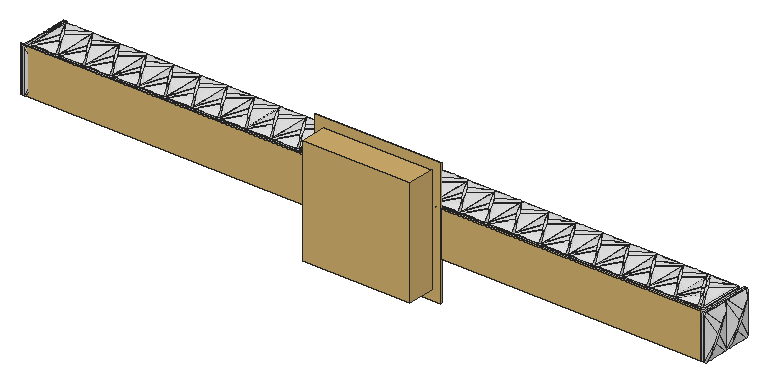
Revit family "3-xx-xx - Elan Vanitie 03", category Lighting Fixtures, host Wall, Revit 2019 (continued)
Definition of nested family "Family2"
  Forms (in)
    Blend 117, solid, material <- "Diffuser"
      top sketch origin (15.27559, -2.24007, -2.27132) x (1, 0, 0) y (0, 1, 0)
        loop
          line (-6.89899, 0.68245) -> (-6.71635, 0.29079) -> (-6.53621, -0.05852) -> (-6.35588, -0.33357) -> (-6.0667, -0.72725) -> (-6.27171, -0.28388) -> (-6.43166, 0.00863) -> (-6.64427, 0.33334) -> (-6.89899, 0.68245)
      from 3.31463 to 3.45242
    Extrusion 118, solid, material <- "Diffuser"
      sketch origin (15.27559, -2.24007, -2.27132) x (1, 0, 0) y (0, 1, 0)
        loop
          arc (-5.90551, 0.90551) -> (-5.92857, 0.96119) -> (-5.98425, 0.98425) r 0.07874
          line (-5.98425, 0.98425) -> (-7.00787, 0.98425)
          arc (-7.00787, 0.98425) -> (-7.06355, 0.96119) -> (-7.08661, 0.90551) r 0.07874
          line (-7.08661, 0.90551) -> (-7.08661, -0.90551)
          arc (-7.08661, -0.90551) -> (-7.06355, -0.96119) -> (-7.00787, -0.98425) r 0.07874
          line (-7.00787, -0.98425) -> (-5.98425, -0.98425)
          arc (-5.98425, -0.98425) -> (-5.92857, -0.96119) -> (-5.90551, -0.90551) r 0.07874
          line (-5.90551, -0.90551) -> (-5.90551, 0.90551)
      from 3.25557 to 3.31463
    Blend 119, solid, material <- "Diffuser"
      base sketch origin (2.29273, -2.24007, 2.34719) x (-0.999996, 0, 0.00275) y (0, 1, 0)
        loop
          arc (-5.90551, 0.90551) -> (-5.92857, 0.96119) -> (-5.98425, 0.98425) r 0.07874
          line (-5.98425, 0.98425) -> (-7.00787, 0.98425)
          arc (-7.00787, 0.98425) -> (-7.06355, 0.96119) -> (-7.08661, 0.90551) r 0.07874
          line (-7.08661, 0.90551) -> (-7.08661, -0.90551)
          arc (-7.08661, -0.90551) -> (-7.06355, -0.96119) -> (-7.00787, -0.98425) r 0.07874
          line (-7.00787, -0.98425) -> (-5.98425, -0.98425)
          arc (-5.98425, -0.98425) -> (-5.92857, -0.96119) -> (-5.90551, -0.90551) r 0.07874
          line (-5.90551, -0.90551) -> (-5.90551, 0.90551)
      top sketch origin (2.29273, -2.24007, 2.34719) x (-0.999996, 0, 0.00275) y (0, 1, 0)
        loop
          line (-6.89899, 0.68245) -> (-6.71635, 0.29079) -> (-6.53621, -0.05852) -> (-6.35588, -0.33357) -> (-6.0667, -0.72725) -> (-6.27171, -0.28388) -> (-6.43166, 0.00863) -> (-6.64427, 0.33334) -> (-6.89899, 0.68245)
      from 3.31463 to 3.45242
    Extrusion 120, solid, material <- "Diffuser"
      sketch origin (2.29273, -2.24007, 2.34719) x (-0.999996, 0, 0.00275) y (0, 1, 0)
        loop
          arc (-5.90551, 0.90551) -> (-5.92857, 0.96119) -> (-5.98425, 0.98425) r 0.07874
          line (-5.98425, 0.98425) -> (-7.00787, 0.98425)
          arc (-7.00787, 0.98425) -> (-7.06355, 0.96119) -> (-7.08661, 0.90551) r 0.07874
          line (-7.08661, 0.90551) -> (-7.08661, -0.90551)
          arc (-7.08661, -0.90551) -> (-7.06355, -0.96119) -> (-7.00787, -0.98425) r 0.07874
          line (-7.00787, -0.98425) -> (-5.98425, -0.98425)
          arc (-5.98425, -0.98425) -> (-5.92857, -0.96119) -> (-5.90551, -0.90551) r 0.07874
          line (-5.90551, -0.90551) -> (-5.90551, 0.90551)
      from 3.20242 to 3.31463
    Blend 121, solid, material <- "Diffuser"
      base sketch origin (-2.3622, 0, 0) x (1, 0, 0) y (0, 0, 1)
        loop
          arc (-5.90551, 0.90551) -> (-5.92857, 0.96119) -> (-5.98425, 0.98425) r 0.07874
          line (-5.98425, 0.98425) -> (-7.00787, 0.98425)
          arc (-7.00787, 0.98425) -> (-7.06355, 0.96119) -> (-7.08661, 0.90551) r 0.07874
          line (-7.08661, 0.90551) -> (-7.08661, -0.90551)
          arc (-7.08661, -0.90551) -> (-7.06355, -0.96119) -> (-7.00787, -0.98425) r 0.07874
          line (-7.00787, -0.98425) -> (-5.98425, -0.98425)
          arc (-5.98425, -0.98425) -> (-5.92857, -0.96119) -> (-5.90551, -0.90551) r 0.07874
          line (-5.90551, -0.90551) -> (-5.90551, 0.90551)
      top sketch origin (-2.3622, 0, 0) x (1, 0, 0) y (0, 0, 1)
        loop
          line (-6.89899, 0.68245) -> (-6.71635, 0.29079) -> (-6.53621, -0.05852) -> (-6.35588, -0.33357) -> (-6.0667, -0.72725) -> (-6.27171, -0.28388) -> (-6.43166, 0.00863) -> (-6.64427, 0.33334) -> (-6.89899, 0.68245)
      from 3.31463 to 3.45242
    Extrusion 122, solid, material <- "Diffuser"
      sketch origin (-2.3622, 0, 0) x (1, 0, 0) y (0, 0, 1)
        loop
          arc (-5.90551, 0.90551) -> (-5.92857, 0.96119) -> (-5.98425, 0.98425) r 0.07874
          line (-5.98425, 0.98425) -> (-7.00787, 0.98425)
          arc (-7.00787, 0.98425) -> (-7.06355, 0.96119) -> (-7.08661, 0.90551) r 0.07874
          line (-7.08661, 0.90551) -> (-7.08661, -0.90551)
          arc (-7.08661, -0.90551) -> (-7.06355, -0.96119) -> (-7.00787, -0.98425) r 0.07874
          line (-7.00787, -0.98425) -> (-5.98425, -0.98425)
          arc (-5.98425, -0.98425) -> (-5.92857, -0.96119) -> (-5.90551, -0.90551) r 0.07874
          line (-5.90551, -0.90551) -> (-5.90551, 0.90551)
      from 3.25557 to 3.31463
    Blend 123, solid, material <- "Diffuser"
      base sketch origin (-2.3622, -2.24007, -2.27132) x (1, 0, 0) y (0, 1, 0)
        loop
          arc (-5.90551, 0.90551) -> (-5.92857, 0.96119) -> (-5.98425, 0.98425) r 0.07874
          line (-5.98425, 0.98425) -> (-7.00787, 0.98425)
          arc (-7.00787, 0.98425) -> (-7.06355, 0.96119) -> (-7.08661, 0.90551) r 0.07874
          line (-7.08661, 0.90551) -> (-7.08661, -0.90551)
          arc (-7.08661, -0.90551) -> (-7.06355, -0.96119) -> (-7.00787, -0.98425) r 0.07874
          line (-7.00787, -0.98425) -> (-5.98425, -0.98425)
          arc (-5.98425, -0.98425) -> (-5.92857, -0.96119) -> (-5.90551, -0.90551) r 0.07874
          line (-5.90551, -0.90551) -> (-5.90551, 0.90551)
      top sketch origin (-2.3622, -2.24007, -2.27132) x (1, 0, 0) y (0, 1, 0)
        loop
          line (-6.89899, 0.68245) -> (-6.71635, 0.29079) -> (-6.53621, -0.05852) -> (-6.35588, -0.33357) -> (-6.0667, -0.72725) -> (-6.27171, -0.28388) -> (-6.43166, 0.00863) -> (-6.64427, 0.33334) -> (-6.89899, 0.68245)
      from 3.31463 to 3.45242
    Extrusion 124, solid, material <- "Diffuser"
      sketch origin (-2.3622, -2.24007, -2.27132) x (1, 0, 0) y (0, 1, 0)
        loop
          arc (-5.90551, 0.90551) -> (-5.92857, 0.96119) -> (-5.98425, 0.98425) r 0.07874
          line (-5.98425, 0.98425) -> (-7.00787, 0.98425)
          arc (-7.00787, 0.98425) -> (-7.06355, 0.96119) -> (-7.08661, 0.90551) r 0.07874
          line (-7.08661, 0.90551) -> (-7.08661, -0.90551)
          arc (-7.08661, -0.90551) -> (-7.06355, -0.96119) -> (-7.00787, -0.98425) r 0.07874
          line (-7.00787, -0.98425) -> (-5.98425, -0.98425)
          arc (-5.98425, -0.98425) -> (-5.92857, -0.96119) -> (-5.90551, -0.90551) r 0.07874
          line (-5.90551, -0.90551) -> (-5.90551, 0.90551)
      from 3.25557 to 3.31463
    Blend 125, solid, material <- "Diffuser"
      base sketch origin (-15.34502, -2.24007, 2.37642) x (-0.999996, 0, 0.00275) y (0, 1, 0)
        loop
          arc (-5.90551, 0.90551) -> (-5.92857, 0.96119) -> (-5.98425, 0.98425) r 0.07874
          line (-5.98425, 0.98425) -> (-7.00787, 0.98425)
          arc (-7.00787, 0.98425) -> (-7.06355, 0.96119) -> (-7.08661, 0.90551) r 0.07874
          line (-7.08661, 0.90551) -> (-7.08661, -0.90551)
          arc (-7.08661, -0.90551) -> (-7.06355, -0.96119) -> (-7.00787, -0.98425) r 0.07874
          line (-7.00787, -0.98425) -> (-5.98425, -0.98425)
          arc (-5.98425, -0.98425) -> (-5.92857, -0.96119) -> (-5.90551, -0.90551) r 0.07874
          line (-5.90551, -0.90551) -> (-5.90551, 0.90551)
      top sketch origin (-15.34502, -2.24007, 2.37642) x (-0.999996, 0, 0.00275) y (0, 1, 0)
        loop
          line (-6.89899, 0.68245) -> (-6.71635, 0.29079) -> (-6.53621, -0.05852) -> (-6.35588, -0.33357) -> (-6.0667, -0.72725) -> (-6.27171, -0.28388) -> (-6.43166, 0.00863) -> (-6.64427, 0.33334) -> (-6.89899, 0.68245)
      from 3.31463 to 3.45242
    Extrusion 126, solid, material <- "Diffuser"
      sketch origin (-15.34502, -2.24007, 2.37642) x (-0.999996, 0, 0.00275) y (0, 1, 0)
        loop
          arc (-5.90551, 0.90551) -> (-5.92857, 0.96119) -> (-5.98425, 0.98425) r 0.07874
          line (-5.98425, 0.98425) -> (-7.00787, 0.98425)
          arc (-7.00787, 0.98425) -> (-7.06355, 0.96119) -> (-7.08661, 0.90551) r 0.07874
          line (-7.08661, 0.90551) -> (-7.08661, -0.90551)
          arc (-7.08661, -0.90551) -> (-7.06355, -0.96119) -> (-7.00787, -0.98425) r 0.07874
          line (-7.00787, -0.98425) -> (-5.98425, -0.98425)
          arc (-5.98425, -0.98425) -> (-5.92857, -0.96119) -> (-5.90551, -0.90551) r 0.07874
          line (-5.90551, -0.90551) -> (-5.90551, 0.90551)
      from 3.25557 to 3.31463
    Blend 127, solid, material <- "Diffuser"
      base sketch origin (-3.54331, 0, 0) x (1, 0, 0) y (0, 0, 1)
        loop
          arc (-5.90551, 0.90551) -> (-5.92857, 0.96119) -> (-5.98425, 0.98425) r 0.07874
          line (-5.98425, 0.98425) -> (-7.00787, 0.98425)
          arc (-7.00787, 0.98425) -> (-7.06355, 0.96119) -> (-7.08661, 0.90551) r 0.07874
          line (-7.08661, 0.90551) -> (-7.08661, -0.90551)
          arc (-7.08661, -0.90551) -> (-7.06355, -0.96119) -> (-7.00787, -0.98425) r 0.07874
          line (-7.00787, -0.98425) -> (-5.98425, -0.98425)
          arc (-5.98425, -0.98425) -> (-5.92857, -0.96119) -> (-5.90551, -0.90551) r 0.07874
          line (-5.90551, -0.90551) -> (-5.90551, 0.90551)
      top sketch origin (-3.54331, 0, 0) x (1, 0, 0) y (0, 0, 1)
        loop
          line (-6.89899, 0.68245) -> (-6.71635, 0.29079) -> (-6.53621, -0.05852) -> (-6.35588, -0.33357) -> (-6.0667, -0.72725) -> (-6.27171, -0.28388) -> (-6.43166, 0.00863) -> (-6.64427, 0.33334) -> (-6.89899, 0.68245)
      from 3.31463 to 3.45242
    Extrusion 128, solid, material <- "Diffuser"
      sketch origin (-3.54331, 0, 0) x (1, 0, 0) y (0, 0, 1)
        loop
          arc (-5.90551, 0.90551) -> (-5.92857, 0.96119) -> (-5.98425, 0.98425) r 0.07874
          line (-5.98425, 0.98425) -> (-7.00787, 0.98425)
          arc (-7.00787, 0.98425) -> (-7.06355, 0.96119) -> (-7.08661, 0.90551) r 0.07874
          line (-7.08661, 0.90551) -> (-7.08661, -0.90551)
          arc (-7.08661, -0.90551) -> (-7.06355, -0.96119) -> (-7.00787, -0.98425) r 0.07874
          line (-7.00787, -0.98425) -> (-5.98425, -0.98425)
          arc (-5.98425, -0.98425) -> (-5.92857, -0.96119) -> (-5.90551, -0.90551) r 0.07874
          line (-5.90551, -0.90551) -> (-5.90551, 0.90551)
      from 3.25557 to 3.31463
    Blend 129, solid, material <- "Diffuser"
      base sketch origin (-3.54331, -2.24007, -2.27132) x (1, 0, 0) y (0, 1, 0)
        loop
          arc (-5.90551, 0.90551) -> (-5.92857, 0.96119) -> (-5.98425, 0.98425) r 0.07874
          line (-5.98425, 0.98425) -> (-7.00787, 0.98425)
          arc (-7.00787, 0.98425) -> (-7.06355, 0.96119) -> (-7.08661, 0.90551) r 0.07874
          line (-7.08661, 0.90551) -> (-7.08661, -0.90551)
          arc (-7.08661, -0.90551) -> (-7.06355, -0.96119) -> (-7.00787, -0.98425) r 0.07874
          line (-7.00787, -0.98425) -> (-5.98425, -0.98425)
          arc (-5.98425, -0.98425) -> (-5.92857, -0.96119) -> (-5.90551, -0.90551) r 0.07874
          line (-5.90551, -0.90551) -> (-5.90551, 0.90551)
      top sketch origin (-3.54331, -2.24007, -2.27132) x (1, 0, 0) y (0, 1, 0)
        loop
          line (-6.89899, 0.68245) -> (-6.71635, 0.29079) -> (-6.53621, -0.05852) -> (-6.35588, -0.33357) -> (-6.0667, -0.72725) -> (-6.27171, -0.28388) -> (-6.43166, 0.00863) -> (-6.64427, 0.33334) -> (-6.89899, 0.68245)
      from 3.31463 to 3.45242
    Extrusion 130, solid, material <- "Diffuser"
      sketch origin (-3.54331, -2.24007, -2.27132) x (1, 0, 0) y (0, 1, 0)
        loop
          arc (-5.90551, 0.90551) -> (-5.92857, 0.96119) -> (-5.98425, 0.98425) r 0.07874
          line (-5.98425, 0.98425) -> (-7.00787, 0.98425)
          arc (-7.00787, 0.98425) -> (-7.06355, 0.96119) -> (-7.08661, 0.90551) r 0.07874
          line (-7.08661, 0.90551) -> (-7.08661, -0.90551)
          arc (-7.08661, -0.90551) -> (-7.06355, -0.96119) -> (-7.00787, -0.98425) r 0.07874
          line (-7.00787, -0.98425) -> (-5.98425, -0.98425)
          arc (-5.98425, -0.98425) -> (-5.92857, -0.96119) -> (-5.90551, -0.90551) r 0.07874
          line (-5.90551, -0.90551) -> (-5.90551, 0.90551)
      from 3.25557 to 3.31463
    Blend 131, solid, material <- "Diffuser"
      base sketch origin (-16.52612, -2.24007, 2.37642) x (-0.999996, 0, 0.00275) y (0, 1, 0)
        loop
          arc (-5.90551, 0.90551) -> (-5.92857, 0.96119) -> (-5.98425, 0.98425) r 0.07874
          line (-5.98425, 0.98425) -> (-7.00787, 0.98425)
          arc (-7.00787, 0.98425) -> (-7.06355, 0.96119) -> (-7.08661, 0.90551) r 0.07874
          line (-7.08661, 0.90551) -> (-7.08661, -0.90551)
          arc (-7.08661, -0.90551) -> (-7.06355, -0.96119) -> (-7.00787, -0.98425) r 0.07874
          line (-7.00787, -0.98425) -> (-5.98425, -0.98425)
          arc (-5.98425, -0.98425) -> (-5.92857, -0.96119) -> (-5.90551, -0.90551) r 0.07874
          line (-5.90551, -0.90551) -> (-5.90551, 0.90551)
      top sketch origin (-16.52612, -2.24007, 2.37642) x (-0.999996, 0, 0.00275) y (0, 1, 0)
        loop
          line (-6.89899, 0.68245) -> (-6.71635, 0.29079) -> (-6.53621, -0.05852) -> (-6.35588, -0.33357) -> (-6.0667, -0.72725) -> (-6.27171, -0.28388) -> (-6.43166, 0.00863) -> (-6.64427, 0.33334) -> (-6.89899, 0.68245)
      from 3.31463 to 3.45242
    Extrusion 132, solid, material <- "Diffuser"
      sketch origin (-16.52612, -2.24007, 2.37642) x (-0.999996, 0, 0.00275) y (0, 1, 0)
        loop
          arc (-5.90551, 0.90551) -> (-5.92857, 0.96119) -> (-5.98425, 0.98425) r 0.07874
          line (-5.98425, 0.98425) -> (-7.00787, 0.98425)
          arc (-7.00787, 0.98425) -> (-7.06355, 0.96119) -> (-7.08661, 0.90551) r 0.07874
          line (-7.08661, 0.90551) -> (-7.08661, -0.90551)
          arc (-7.08661, -0.90551) -> (-7.06355, -0.96119) -> (-7.00787, -0.98425) r 0.07874
          line (-7.00787, -0.98425) -> (-5.98425, -0.98425)
          arc (-5.98425, -0.98425) -> (-5.92857, -0.96119) -> (-5.90551, -0.90551) r 0.07874
          line (-5.90551, -0.90551) -> (-5.90551, 0.90551)
      from 3.25557 to 3.31463
    Blend 133, solid, material <- "Diffuser"
      base sketch origin (-4.72441, 0, 0) x (1, 0, 0) y (0, 0, 1)
        loop
          arc (-5.90551, 0.90551) -> (-5.92857, 0.96119) -> (-5.98425, 0.98425) r 0.07874
          line (-5.98425, 0.98425) -> (-7.00787, 0.98425)
          arc (-7.00787, 0.98425) -> (-7.06355, 0.96119) -> (-7.08661, 0.90551) r 0.07874
          line (-7.08661, 0.90551) -> (-7.08661, -0.90551)
          arc (-7.08661, -0.90551) -> (-7.06355, -0.96119) -> (-7.00787, -0.98425) r 0.07874
          line (-7.00787, -0.98425) -> (-5.98425, -0.98425)
          arc (-5.98425, -0.98425) -> (-5.92857, -0.96119) -> (-5.90551, -0.90551) r 0.07874
          line (-5.90551, -0.90551) -> (-5.90551, 0.90551)
      top sketch origin (-4.72441, 0, 0) x (1, 0, 0) y (0, 0, 1)
        loop
          line (-6.89899, 0.68245) -> (-6.71635, 0.29079) -> (-6.53621, -0.05852) -> (-6.35588, -0.33357) -> (-6.0667, -0.72725) -> (-6.27171, -0.28388) -> (-6.43166, 0.00863) -> (-6.64427, 0.33334) -> (-6.89899, 0.68245)
      from 3.31463 to 3.45242
    Extrusion 134, solid, material <- "Diffuser"
      sketch origin (-4.72441, 0, 0) x (1, 0, 0) y (0, 0, 1)
        loop
          arc (-5.90551, 0.90551) -> (-5.92857, 0.96119) -> (-5.98425, 0.98425) r 0.07874
          line (-5.98425, 0.98425) -> (-7.00787, 0.98425)
          arc (-7.00787, 0.98425) -> (-7.06355, 0.96119) -> (-7.08661, 0.90551) r 0.07874
          line (-7.08661, 0.90551) -> (-7.08661, -0.90551)
          arc (-7.08661, -0.90551) -> (-7.06355, -0.96119) -> (-7.00787, -0.98425) r 0.07874
          line (-7.00787, -0.98425) -> (-5.98425, -0.98425)
          arc (-5.98425, -0.98425) -> (-5.92857, -0.96119) -> (-5.90551, -0.90551) r 0.07874
          line (-5.90551, -0.90551) -> (-5.90551, 0.90551)
      from 3.25557 to 3.31463
    Blend 135, solid, material <- "Diffuser"
      base sketch origin (-4.72441, -2.24007, -2.27132) x (1, 0, 0) y (0, 1, 0)
        loop
          arc (-5.90551, 0.90551) -> (-5.92857, 0.96119) -> (-5.98425, 0.98425) r 0.07874
          line (-5.98425, 0.98425) -> (-7.00787, 0.98425)
          arc (-7.00787, 0.98425) -> (-7.06355, 0.96119) -> (-7.08661, 0.90551) r 0.07874
          line (-7.08661, 0.90551) -> (-7.08661, -0.90551)
          arc (-7.08661, -0.90551) -> (-7.06355, -0.96119) -> (-7.00787, -0.98425) r 0.07874
          line (-7.00787, -0.98425) -> (-5.98425, -0.98425)
          arc (-5.98425, -0.98425) -> (-5.92857, -0.96119) -> (-5.90551, -0.90551) r 0.07874
          line (-5.90551, -0.90551) -> (-5.90551, 0.90551)
      top sketch origin (-4.72441, -2.24007, -2.27132) x (1, 0, 0) y (0, 1, 0)
        loop
          line (-6.89899, 0.68245) -> (-6.71635, 0.29079) -> (-6.53621, -0.05852) -> (-6.35588, -0.33357) -> (-6.0667, -0.72725) -> (-6.27171, -0.28388) -> (-6.43166, 0.00863) -> (-6.64427, 0.33334) -> (-6.89899, 0.68245)
      from 3.31463 to 3.45242
    Extrusion 136, solid, material <- "Diffuser"
      sketch origin (-4.72441, -2.24007, -2.27132) x (1, 0, 0) y (0, 1, 0)
        loop
          arc (-5.90551, 0.90551) -> (-5.92857, 0.96119) -> (-5.98425, 0.98425) r 0.07874
          line (-5.98425, 0.98425) -> (-7.00787, 0.98425)
          arc (-7.00787, 0.98425) -> (-7.06355, 0.96119) -> (-7.08661, 0.90551) r 0.07874
          line (-7.08661, 0.90551) -> (-7.08661, -0.90551)
          arc (-7.08661, -0.90551) -> (-7.06355, -0.96119) -> (-7.00787, -0.98425) r 0.07874
          line (-7.00787, -0.98425) -> (-5.98425, -0.98425)
          arc (-5.98425, -0.98425) -> (-5.92857, -0.96119) -> (-5.90551, -0.90551) r 0.07874
          line (-5.90551, -0.90551) -> (-5.90551, 0.90551)
      from 3.25557 to 3.31463
    Blend 137, solid, material <- "Diffuser"
      base sketch origin (-17.70723, -2.24007, 2.37642) x (-0.999996, 0, 0.00275) y (0, 1, 0)
        loop
          arc (-5.90551, 0.90551) -> (-5.92857, 0.96119) -> (-5.98425, 0.98425) r 0.07874
          line (-5.98425, 0.98425) -> (-7.00787, 0.98425)
          arc (-7.00787, 0.98425) -> (-7.06355, 0.96119) -> (-7.08661, 0.90551) r 0.07874
          line (-7.08661, 0.90551) -> (-7.08661, -0.90551)
          arc (-7.08661, -0.90551) -> (-7.06355, -0.96119) -> (-7.00787, -0.98425) r 0.07874
          line (-7.00787, -0.98425) -> (-5.98425, -0.98425)
          arc (-5.98425, -0.98425) -> (-5.92857, -0.96119) -> (-5.90551, -0.90551) r 0.07874
          line (-5.90551, -0.90551) -> (-5.90551, 0.90551)
      top sketch origin (-17.70723, -2.24007, 2.37642) x (-0.999996, 0, 0.00275) y (0, 1, 0)
        loop
          line (-6.89899, 0.68245) -> (-6.71635, 0.29079) -> (-6.53621, -0.05852) -> (-6.35588, -0.33357) -> (-6.0667, -0.72725) -> (-6.27171, -0.28388) -> (-6.43166, 0.00863) -> (-6.64427, 0.33334) -> (-6.89899, 0.68245)
      from 3.31463 to 3.45242
    Extrusion 138, solid, material <- "Diffuser"
      sketch origin (-17.70723, -2.24007, 2.37642) x (-0.999996, 0, 0.00275) y (0, 1, 0)
        loop
          arc (-5.90551, 0.90551) -> (-5.92857, 0.96119) -> (-5.98425, 0.98425) r 0.07874
          line (-5.98425, 0.98425) -> (-7.00787, 0.98425)
          arc (-7.00787, 0.98425) -> (-7.06355, 0.96119) -> (-7.08661, 0.90551) r 0.07874
          line (-7.08661, 0.90551) -> (-7.08661, -0.90551)
          arc (-7.08661, -0.90551) -> (-7.06355, -0.96119) -> (-7.00787, -0.98425) r 0.07874
          line (-7.00787, -0.98425) -> (-5.98425, -0.98425)
          arc (-5.98425, -0.98425) -> (-5.92857, -0.96119) -> (-5.90551, -0.90551) r 0.07874
          line (-5.90551, -0.90551) -> (-5.90551, 0.90551)
      from 3.25557 to 3.31463
    Blend 139, solid, material <- "Diffuser"
      base sketch origin (-5.90551, 0, 0) x (1, 0, 0) y (0, 0, 1)
        loop
          arc (-5.90551, 0.90551) -> (-5.92857, 0.96119) -> (-5.98425, 0.98425) r 0.07874
          line (-5.98425, 0.98425) -> (-7.00787, 0.98425)
          arc (-7.00787, 0.98425) -> (-7.06355, 0.96119) -> (-7.08661, 0.90551) r 0.07874
          line (-7.08661, 0.90551) -> (-7.08661, -0.90551)
          arc (-7.08661, -0.90551) -> (-7.06355, -0.96119) -> (-7.00787, -0.98425) r 0.07874
          line (-7.00787, -0.98425) -> (-5.98425, -0.98425)
          arc (-5.98425, -0.98425) -> (-5.92857, -0.96119) -> (-5.90551, -0.90551) r 0.07874
          line (-5.90551, -0.90551) -> (-5.90551, 0.90551)
      top sketch origin (-5.90551, 0, 0) x (1, 0, 0) y (0, 0, 1)
        loop
          line (-6.89899, 0.68245) -> (-6.71635, 0.29079) -> (-6.53621, -0.05852) -> (-6.35588, -0.33357) -> (-6.0667, -0.72725) -> (-6.27171, -0.28388) -> (-6.43166, 0.00863) -> (-6.64427, 0.33334) -> (-6.89899, 0.68245)
      from 3.31463 to 3.45242
    Extrusion 140, solid, material <- "Diffuser"
      sketch origin (-5.90551, 0, 0) x (1, 0, 0) y (0, 0, 1)
        loop
          arc (-5.90551, 0.90551) -> (-5.92857, 0.96119) -> (-5.98425, 0.98425) r 0.07874
          line (-5.98425, 0.98425) -> (-7.00787, 0.98425)
          arc (-7.00787, 0.98425) -> (-7.06355, 0.96119) -> (-7.08661, 0.90551) r 0.07874
          line (-7.08661, 0.90551) -> (-7.08661, -0.90551)
          arc (-7.08661, -0.90551) -> (-7.06355, -0.96119) -> (-7.00787, -0.98425) r 0.07874
          line (-7.00787, -0.98425) -> (-5.98425, -0.98425)
          arc (-5.98425, -0.98425) -> (-5.92857, -0.96119) -> (-5.90551, -0.90551) r 0.07874
          line (-5.90551, -0.90551) -> (-5.90551, 0.90551)
      from 3.25557 to 3.31463
    Blend 141, solid, material <- "Diffuser"
      base sketch origin (-5.90551, -2.24007, -2.27132) x (1, 0, 0) y (0, 1, 0)
        loop
          arc (-5.90551, 0.90551) -> (-5.92857, 0.96119) -> (-5.98425, 0.98425) r 0.07874
          line (-5.98425, 0.98425) -> (-7.00787, 0.98425)
          arc (-7.00787, 0.98425) -> (-7.06355, 0.96119) -> (-7.08661, 0.90551) r 0.07874
          line (-7.08661, 0.90551) -> (-7.08661, -0.90551)
          arc (-7.08661, -0.90551) -> (-7.06355, -0.96119) -> (-7.00787, -0.98425) r 0.07874
          line (-7.00787, -0.98425) -> (-5.98425, -0.98425)
          arc (-5.98425, -0.98425) -> (-5.92857, -0.96119) -> (-5.90551, -0.90551) r 0.07874
          line (-5.90551, -0.90551) -> (-5.90551, 0.90551)
      top sketch origin (-5.90551, -2.24007, -2.27132) x (1, 0, 0) y (0, 1, 0)
        loop
          line (-6.89899, 0.68245) -> (-6.71635, 0.29079) -> (-6.53621, -0.05852) -> (-6.35588, -0.33357) -> (-6.0667, -0.72725) -> (-6.27171, -0.28388) -> (-6.43166, 0.00863) -> (-6.64427, 0.33334) -> (-6.89899, 0.68245)
      from 3.31463 to 3.45242
    Extrusion 142, solid, material <- "Diffuser"
      sketch origin (-5.90551, -2.24007, -2.27132) x (1, 0, 0) y (0, 1, 0)
        loop
          arc (-5.90551, 0.90551) -> (-5.92857, 0.96119) -> (-5.98425, 0.98425) r 0.07874
          line (-5.98425, 0.98425) -> (-7.00787, 0.98425)
          arc (-7.00787, 0.98425) -> (-7.06355, 0.96119) -> (-7.08661, 0.90551) r 0.07874
          line (-7.08661, 0.90551) -> (-7.08661, -0.90551)
          arc (-7.08661, -0.90551) -> (-7.06355, -0.96119) -> (-7.00787, -0.98425) r 0.07874
          line (-7.00787, -0.98425) -> (-5.98425, -0.98425)
          arc (-5.98425, -0.98425) -> (-5.92857, -0.96119) -> (-5.90551, -0.90551) r 0.07874
          line (-5.90551, -0.90551) -> (-5.90551, 0.90551)
      from 3.25557 to 3.31463
    Blend 143, solid, material <- "Diffuser"
      base sketch origin (-18.88833, -2.24007, 2.37642) x (-0.999996, 0, 0.00275) y (0, 1, 0)
        loop
          arc (-5.90551, 0.90551) -> (-5.92857, 0.96119) -> (-5.98425, 0.98425) r 0.07874
          line (-5.98425, 0.98425) -> (-7.00787, 0.98425)
          arc (-7.00787, 0.98425) -> (-7.06355, 0.96119) -> (-7.08661, 0.90551) r 0.07874
          line (-7.08661, 0.90551) -> (-7.08661, -0.90551)
          arc (-7.08661, -0.90551) -> (-7.06355, -0.96119) -> (-7.00787, -0.98425) r 0.07874
          line (-7.00787, -0.98425) -> (-5.98425, -0.98425)
          arc (-5.98425, -0.98425) -> (-5.92857, -0.96119) -> (-5.90551, -0.90551) r 0.07874
          line (-5.90551, -0.90551) -> (-5.90551, 0.90551)
      top sketch origin (-18.88833, -2.24007, 2.37642) x (-0.999996, 0, 0.00275) y (0, 1, 0)
        loop
          line (-6.89899, 0.68245) -> (-6.71635, 0.29079) -> (-6.53621, -0.05852) -> (-6.35588, -0.33357) -> (-6.0667, -0.72725) -> (-6.27171, -0.28388) -> (-6.43166, 0.00863) -> (-6.64427, 0.33334) -> (-6.89899, 0.68245)
      from 3.31463 to 3.45242
    Extrusion 144, solid, material <- "Diffuser"
      sketch origin (-18.88833, -2.24007, 2.37642) x (-0.999996, 0, 0.00275) y (0, 1, 0)
        loop
          arc (-5.90551, 0.90551) -> (-5.92857, 0.96119) -> (-5.98425, 0.98425) r 0.07874
          line (-5.98425, 0.98425) -> (-7.00787, 0.98425)
          arc (-7.00787, 0.98425) -> (-7.06355, 0.96119) -> (-7.08661, 0.90551) r 0.07874
          line (-7.08661, 0.90551) -> (-7.08661, -0.90551)
          arc (-7.08661, -0.90551) -> (-7.06355, -0.96119) -> (-7.00787, -0.98425) r 0.07874
          line (-7.00787, -0.98425) -> (-5.98425, -0.98425)
          arc (-5.98425, -0.98425) -> (-5.92857, -0.96119) -> (-5.90551, -0.90551) r 0.07874
          line (-5.90551, -0.90551) -> (-5.90551, 0.90551)
      from 3.25557 to 3.31463
    Blend 145, solid, material <- "Diffuser"
      base sketch origin (16.45669, 0, 0) x (1, 0, 0) y (0, 0, 1)
        loop
          arc (-5.90551, 0.90551) -> (-5.92857, 0.96119) -> (-5.98425, 0.98425) r 0.07874
          line (-5.98425, 0.98425) -> (-7.00787, 0.98425)
          arc (-7.00787, 0.98425) -> (-7.06355, 0.96119) -> (-7.08661, 0.90551) r 0.07874
          line (-7.08661, 0.90551) -> (-7.08661, -0.90551)
          arc (-7.08661, -0.90551) -> (-7.06355, -0.96119) -> (-7.00787, -0.98425) r 0.07874
          line (-7.00787, -0.98425) -> (-5.98425, -0.98425)
          arc (-5.98425, -0.98425) -> (-5.92857, -0.96119) -> (-5.90551, -0.90551) r 0.07874
          line (-5.90551, -0.90551) -> (-5.90551, 0.90551)
      top sketch origin (16.45669, 0, 0) x (1, 0, 0) y (0, 0, 1)
        loop
          line (-6.89899, 0.68245) -> (-6.71635, 0.29079) -> (-6.53621, -0.05852) -> (-6.35588, -0.33357) -> (-6.0667, -0.72725) -> (-6.27171, -0.28388) -> (-6.43166, 0.00863) -> (-6.64427, 0.33334) -> (-6.89899, 0.68245)
      from 3.31463 to 3.45242
    Extrusion 146, solid, material <- "Diffuser"
      sketch origin (16.45669, 0, 0) x (1, 0, 0) y (0, 0, 1)
        loop
          arc (-5.90551, 0.90551) -> (-5.92857, 0.96119) -> (-5.98425, 0.98425) r 0.07874
          line (-5.98425, 0.98425) -> (-7.00787, 0.98425)
          arc (-7.00787, 0.98425) -> (-7.06355, 0.96119) -> (-7.08661, 0.90551) r 0.07874
          line (-7.08661, 0.90551) -> (-7.08661, -0.90551)
          arc (-7.08661, -0.90551) -> (-7.06355, -0.96119) -> (-7.00787, -0.98425) r 0.07874
          line (-7.00787, -0.98425) -> (-5.98425, -0.98425)
          arc (-5.98425, -0.98425) -> (-5.92857, -0.96119) -> (-5.90551, -0.90551) r 0.07874
          line (-5.90551, -0.90551) -> (-5.90551, 0.90551)
      from 3.25557 to 3.31463
    Blend 147, solid, material <- "Diffuser"
      base sketch origin (16.45669, -2.24007, -2.27132) x (1, 0, 0) y (0, 1, 0)
        loop
          arc (-5.90551, 0.90551) -> (-5.92857, 0.96119) -> (-5.98425, 0.98425) r 0.07874
          line (-5.98425, 0.98425) -> (-7.00787, 0.98425)
          arc (-7.00787, 0.98425) -> (-7.06355, 0.96119) -> (-7.08661, 0.90551) r 0.07874
          line (-7.08661, 0.90551) -> (-7.08661, -0.90551)
          arc (-7.08661, -0.90551) -> (-7.06355, -0.96119) -> (-7.00787, -0.98425) r 0.07874
          line (-7.00787, -0.98425) -> (-5.98425, -0.98425)
          arc (-5.98425, -0.98425) -> (-5.92857, -0.96119) -> (-5.90551, -0.90551) r 0.07874
          line (-5.90551, -0.90551) -> (-5.90551, 0.90551)
      top sketch origin (16.45669, -2.24007, -2.27132) x (1, 0, 0) y (0, 1, 0)
        loop
          line (-6.89899, 0.68245) -> (-6.71635, 0.29079) -> (-6.53621, -0.05852) -> (-6.35588, -0.33357) -> (-6.0667, -0.72725) -> (-6.27171, -0.28388) -> (-6.43166, 0.00863) -> (-6.64427, 0.33334) -> (-6.89899, 0.68245)
      from 3.31463 to 3.45242
    Extrusion 148, solid, material <- "Diffuser"
      sketch origin (16.45669, -2.24007, -2.27132) x (1, 0, 0) y (0, 1, 0)
        loop
          arc (-5.90551, 0.90551) -> (-5.92857, 0.96119) -> (-5.98425, 0.98425) r 0.07874
          line (-5.98425, 0.98425) -> (-7.00787, 0.98425)
          arc (-7.00787, 0.98425) -> (-7.06355, 0.96119) -> (-7.08661, 0.90551) r 0.07874
          line (-7.08661, 0.90551) -> (-7.08661, -0.90551)
          arc (-7.08661, -0.90551) -> (-7.06355, -0.96119) -> (-7.00787, -0.98425) r 0.07874
          line (-7.00787, -0.98425) -> (-5.98425, -0.98425)
          arc (-5.98425, -0.98425) -> (-5.92857, -0.96119) -> (-5.90551, -0.90551) r 0.07874
          line (-5.90551, -0.90551) -> (-5.90551, 0.90551)
      from 3.25557 to 3.31463
    Blend 149, solid, material <- "Diffuser"
      base sketch origin (3.47384, -2.24007, 2.34719) x (-0.999996, 0, 0.00275) y (0, 1, 0)
        loop
          arc (-5.90551, 0.90551) -> (-5.92857, 0.96119) -> (-5.98425, 0.98425) r 0.07874
          line (-5.98425, 0.98425) -> (-7.00787, 0.98425)
          arc (-7.00787, 0.98425) -> (-7.06355, 0.96119) -> (-7.08661, 0.90551) r 0.07874
          line (-7.08661, 0.90551) -> (-7.08661, -0.90551)
          arc (-7.08661, -0.90551) -> (-7.06355, -0.96119) -> (-7.00787, -0.98425) r 0.07874
          line (-7.00787, -0.98425) -> (-5.98425, -0.98425)
          arc (-5.98425, -0.98425) -> (-5.92857, -0.96119) -> (-5.90551, -0.90551) r 0.07874
          line (-5.90551, -0.90551) -> (-5.90551, 0.90551)
      top sketch origin (3.47384, -2.24007, 2.34719) x (-0.999996, 0, 0.00275) y (0, 1, 0)
        loop
          line (-6.89899, 0.68245) -> (-6.71635, 0.29079) -> (-6.53621, -0.05852) -> (-6.35588, -0.33357) -> (-6.0667, -0.72725) -> (-6.27171, -0.28388) -> (-6.43166, 0.00863) -> (-6.64427, 0.33334) -> (-6.89899, 0.68245)
      from 3.31463 to 3.45242
    Extrusion 150, solid, material <- "Diffuser"
      sketch origin (3.47384, -2.24007, 2.34719) x (-0.999996, 0, 0.00275) y (0, 1, 0)
        loop
          arc (-5.90551, 0.90551) -> (-5.92857, 0.96119) -> (-5.98425, 0.98425) r 0.07874
          line (-5.98425, 0.98425) -> (-7.00787, 0.98425)
          arc (-7.00787, 0.98425) -> (-7.06355, 0.96119) -> (-7.08661, 0.90551) r 0.07874
          line (-7.08661, 0.90551) -> (-7.08661, -0.90551)
          arc (-7.08661, -0.90551) -> (-7.06355, -0.96119) -> (-7.00787, -0.98425) r 0.07874
          line (-7.00787, -0.98425) -> (-5.98425, -0.98425)
          arc (-5.98425, -0.98425) -> (-5.92857, -0.96119) -> (-5.90551, -0.90551) r 0.07874
          line (-5.90551, -0.90551) -> (-5.90551, 0.90551)
      from 3.20242 to 3.31463
    Blend 151, solid, material <- "Diffuser"
      base sketch origin (17.6378, 0, 0) x (1, 0, 0) y (0, 0, 1)
        loop
          arc (-5.90551, 0.90551) -> (-5.92857, 0.96119) -> (-5.98425, 0.98425) r 0.07874
          line (-5.98425, 0.98425) -> (-7.00787, 0.98425)
          arc (-7.00787, 0.98425) -> (-7.06355, 0.96119) -> (-7.08661, 0.90551) r 0.07874
          line (-7.08661, 0.90551) -> (-7.08661, -0.90551)
          arc (-7.08661, -0.90551) -> (-7.06355, -0.96119) -> (-7.00787, -0.98425) r 0.07874
          line (-7.00787, -0.98425) -> (-5.98425, -0.98425)
          arc (-5.98425, -0.98425) -> (-5.92857, -0.96119) -> (-5.90551, -0.90551) r 0.07874
          line (-5.90551, -0.90551) -> (-5.90551, 0.90551)
      top sketch origin (17.6378, 0, 0) x (1, 0, 0) y (0, 0, 1)
        loop
          line (-6.89899, 0.68245) -> (-6.71635, 0.29079) -> (-6.53621, -0.05852) -> (-6.35588, -0.33357) -> (-6.0667, -0.72725) -> (-6.27171, -0.28388) -> (-6.43166, 0.00863) -> (-6.64427, 0.33334) -> (-6.89899, 0.68245)
      from 3.31463 to 3.45242
    Extrusion 152, solid, material <- "Diffuser"
      sketch origin (17.6378, 0, 0) x (1, 0, 0) y (0, 0, 1)
        loop
          arc (-5.90551, 0.90551) -> (-5.92857, 0.96119) -> (-5.98425, 0.98425) r 0.07874
          line (-5.98425, 0.98425) -> (-7.00787, 0.98425)
          arc (-7.00787, 0.98425) -> (-7.06355, 0.96119) -> (-7.08661, 0.90551) r 0.07874
          line (-7.08661, 0.90551) -> (-7.08661, -0.90551)
          arc (-7.08661, -0.90551) -> (-7.06355, -0.96119) -> (-7.00787, -0.98425) r 0.07874
          line (-7.00787, -0.98425) -> (-5.98425, -0.98425)
          arc (-5.98425, -0.98425) -> (-5.92857, -0.96119) -> (-5.90551, -0.90551) r 0.07874
          line (-5.90551, -0.90551) -> (-5.90551, 0.90551)
      from 3.25557 to 3.31463
    Blend 153, solid, material <- "Diffuser"
      base sketch origin (17.6378, -2.24007, -2.27132) x (1, 0, 0) y (0, 1, 0)
        loop
          arc (-5.90551, 0.90551) -> (-5.92857, 0.96119) -> (-5.98425, 0.98425) r 0.07874
          line (-5.98425, 0.98425) -> (-7.00787, 0.98425)
          arc (-7.00787, 0.98425) -> (-7.06355, 0.96119) -> (-7.08661, 0.90551) r 0.07874
          line (-7.08661, 0.90551) -> (-7.08661, -0.90551)
          arc (-7.08661, -0.90551) -> (-7.06355, -0.96119) -> (-7.00787, -0.98425) r 0.07874
          line (-7.00787, -0.98425) -> (-5.98425, -0.98425)
          arc (-5.98425, -0.98425) -> (-5.92857, -0.96119) -> (-5.90551, -0.90551) r 0.07874
          line (-5.90551, -0.90551) -> (-5.90551, 0.90551)
      top sketch origin (17.6378, -2.24007, -2.27132) x (1, 0, 0) y (0, 1, 0)
        loop
          line (-6.89899, 0.68245) -> (-6.71635, 0.29079) -> (-6.53621, -0.05852) -> (-6.35588, -0.33357) -> (-6.0667, -0.72725) -> (-6.27171, -0.28388) -> (-6.43166, 0.00863) -> (-6.64427, 0.33334) -> (-6.89899, 0.68245)
      from 3.31463 to 3.45242
    Extrusion 154, solid, material <- "Diffuser"
      sketch origin (17.6378, -2.24007, -2.27132) x (1, 0, 0) y (0, 1, 0)
        loop
          arc (-5.90551, 0.90551) -> (-5.92857, 0.96119) -> (-5.98425, 0.98425) r 0.07874
          line (-5.98425, 0.98425) -> (-7.00787, 0.98425)
          arc (-7.00787, 0.98425) -> (-7.06355, 0.96119) -> (-7.08661, 0.90551) r 0.07874
          line (-7.08661, 0.90551) -> (-7.08661, -0.90551)
          arc (-7.08661, -0.90551) -> (-7.06355, -0.96119) -> (-7.00787, -0.98425) r 0.07874
          line (-7.00787, -0.98425) -> (-5.98425, -0.98425)
          arc (-5.98425, -0.98425) -> (-5.92857, -0.96119) -> (-5.90551, -0.90551) r 0.07874
          line (-5.90551, -0.90551) -> (-5.90551, 0.90551)
      from 3.25557 to 3.31463
    Blend 155, solid, material <- "Diffuser"
      base sketch origin (4.65494, -2.24007, 2.34719) x (-0.999996, 0, 0.00275) y (0, 1, 0)
        loop
          arc (-5.90551, 0.90551) -> (-5.92857, 0.96119) -> (-5.98425, 0.98425) r 0.07874
          line (-5.98425, 0.98425) -> (-7.00787, 0.98425)
          arc (-7.00787, 0.98425) -> (-7.06355, 0.96119) -> (-7.08661, 0.90551) r 0.07874
          line (-7.08661, 0.90551) -> (-7.08661, -0.90551)
          arc (-7.08661, -0.90551) -> (-7.06355, -0.96119) -> (-7.00787, -0.98425) r 0.07874
          line (-7.00787, -0.98425) -> (-5.98425, -0.98425)
          arc (-5.98425, -0.98425) -> (-5.92857, -0.96119) -> (-5.90551, -0.90551) r 0.07874
          line (-5.90551, -0.90551) -> (-5.90551, 0.90551)
      top sketch origin (4.65494, -2.24007, 2.34719) x (-0.999996, 0, 0.00275) y (0, 1, 0)
        loop
          line (-6.89899, 0.68245) -> (-6.71635, 0.29079) -> (-6.53621, -0.05852) -> (-6.35588, -0.33357) -> (-6.0667, -0.72725) -> (-6.27171, -0.28388) -> (-6.43166, 0.00863) -> (-6.64427, 0.33334) -> (-6.89899, 0.68245)
      from 3.31463 to 3.45242
    Extrusion 156, solid, material <- "Diffuser"
      sketch origin (4.65494, -2.24007, 2.34719) x (-0.999996, 0, 0.00275) y (0, 1, 0)
        loop
          arc (-5.90551, 0.90551) -> (-5.92857, 0.96119) -> (-5.98425, 0.98425) r 0.07874
          line (-5.98425, 0.98425) -> (-7.00787, 0.98425)
          arc (-7.00787, 0.98425) -> (-7.06355, 0.96119) -> (-7.08661, 0.90551) r 0.07874
          line (-7.08661, 0.90551) -> (-7.08661, -0.90551)
          arc (-7.08661, -0.90551) -> (-7.06355, -0.96119) -> (-7.00787, -0.98425) r 0.07874
          line (-7.00787, -0.98425) -> (-5.98425, -0.98425)
          arc (-5.98425, -0.98425) -> (-5.92857, -0.96119) -> (-5.90551, -0.90551) r 0.07874
          line (-5.90551, -0.90551) -> (-5.90551, 0.90551)
      from 3.20242 to 3.31463
    Blend 157, solid, material <- "Diffuser"
      base sketch origin (17.6378, 0, 0) x (1, 0, 0) y (0, 0, 1)
        loop
          arc (-5.90551, 0.90551) -> (-5.92857, 0.96119) -> (-5.98425, 0.98425) r 0.07874
          line (-5.98425, 0.98425) -> (-7.00787, 0.98425)
          arc (-7.00787, 0.98425) -> (-7.06355, 0.96119) -> (-7.08661, 0.90551) r 0.07874
          line (-7.08661, 0.90551) -> (-7.08661, -0.90551)
          arc (-7.08661, -0.90551) -> (-7.06355, -0.96119) -> (-7.00787, -0.98425) r 0.07874
          line (-7.00787, -0.98425) -> (-5.98425, -0.98425)
          arc (-5.98425, -0.98425) -> (-5.92857, -0.96119) -> (-5.90551, -0.90551) r 0.07874
          line (-5.90551, -0.90551) -> (-5.90551, 0.90551)
      top sketch origin (17.6378, 0, 0) x (1, 0, 0) y (0, 0, 1)
        loop
          line (-6.89899, 0.68245) -> (-6.71635, 0.29079) -> (-6.53621, -0.05852) -> (-6.35588, -0.33357) -> (-6.0667, -0.72725) -> (-6.27171, -0.28388) -> (-6.43166, 0.00863) -> (-6.64427, 0.33334) -> (-6.89899, 0.68245)
      from 3.31463 to 3.45242
    Extrusion 158, solid, material <- "Diffuser"
      sketch origin (17.6378, 0, 0) x (1, 0, 0) y (0, 0, 1)
        loop
          arc (-5.90551, 0.90551) -> (-5.92857, 0.96119) -> (-5.98425, 0.98425) r 0.07874
          line (-5.98425, 0.98425) -> (-7.00787, 0.98425)
          arc (-7.00787, 0.98425) -> (-7.06355, 0.96119) -> (-7.08661, 0.90551) r 0.07874
          line (-7.08661, 0.90551) -> (-7.08661, -0.90551)
          arc (-7.08661, -0.90551) -> (-7.06355, -0.96119) -> (-7.00787, -0.98425) r 0.07874
          line (-7.00787, -0.98425) -> (-5.98425, -0.98425)
          arc (-5.98425, -0.98425) -> (-5.92857, -0.96119) -> (-5.90551, -0.90551) r 0.07874
          line (-5.90551, -0.90551) -> (-5.90551, 0.90551)
      from 3.25557 to 3.31463
    Blend 159, solid, material <- "Diffuser"
      base sketch origin (17.6378, -2.24007, -2.27132) x (1, 0, 0) y (0, 1, 0)
        loop
          arc (-5.90551, 0.90551) -> (-5.92857, 0.96119) -> (-5.98425, 0.98425) r 0.07874
          line (-5.98425, 0.98425) -> (-7.00787, 0.98425)
          arc (-7.00787, 0.98425) -> (-7.06355, 0.96119) -> (-7.08661, 0.90551) r 0.07874
          line (-7.08661, 0.90551) -> (-7.08661, -0.90551)
          arc (-7.08661, -0.90551) -> (-7.06355, -0.96119) -> (-7.00787, -0.98425) r 0.07874
          line (-7.00787, -0.98425) -> (-5.98425, -0.98425)
          arc (-5.98425, -0.98425) -> (-5.92857, -0.96119) -> (-5.90551, -0.90551) r 0.07874
          line (-5.90551, -0.90551) -> (-5.90551, 0.90551)
      top sketch origin (17.6378, -2.24007, -2.27132) x (1, 0, 0) y (0, 1, 0)
        loop
          line (-6.89899, 0.68245) -> (-6.71635, 0.29079) -> (-6.53621, -0.05852) -> (-6.35588, -0.33357) -> (-6.0667, -0.72725) -> (-6.27171, -0.28388) -> (-6.43166, 0.00863) -> (-6.64427, 0.33334) -> (-6.89899, 0.68245)
      from 3.31463 to 3.45242
    Extrusion 160, solid, material <- "Diffuser"
      sketch origin (17.6378, -2.24007, -2.27132) x (1, 0, 0) y (0, 1, 0)
        loop
          arc (-5.90551, 0.90551) -> (-5.92857, 0.96119) -> (-5.98425, 0.98425) r 0.07874
          line (-5.98425, 0.98425) -> (-7.00787, 0.98425)
          arc (-7.00787, 0.98425) -> (-7.06355, 0.96119) -> (-7.08661, 0.90551) r 0.07874
          line (-7.08661, 0.90551) -> (-7.08661, -0.90551)
          arc (-7.08661, -0.90551) -> (-7.06355, -0.96119) -> (-7.00787, -0.98425) r 0.07874
          line (-7.00787, -0.98425) -> (-5.98425, -0.98425)
          arc (-5.98425, -0.98425) -> (-5.92857, -0.96119) -> (-5.90551, -0.90551) r 0.07874
          line (-5.90551, -0.90551) -> (-5.90551, 0.90551)
      from 3.25557 to 3.31463
    Blend 161, solid, material <- "Diffuser"
      base sketch origin (4.65494, -2.24007, 2.34719) x (-0.999996, 0, 0.00275) y (0, 1, 0)
        loop
          arc (-5.90551, 0.90551) -> (-5.92857, 0.96119) -> (-5.98425, 0.98425) r 0.07874
          line (-5.98425, 0.98425) -> (-7.00787, 0.98425)
          arc (-7.00787, 0.98425) -> (-7.06355, 0.96119) -> (-7.08661, 0.90551) r 0.07874
          line (-7.08661, 0.90551) -> (-7.08661, -0.90551)
          arc (-7.08661, -0.90551) -> (-7.06355, -0.96119) -> (-7.00787, -0.98425) r 0.07874
          line (-7.00787, -0.98425) -> (-5.98425, -0.98425)
          arc (-5.98425, -0.98425) -> (-5.92857, -0.96119) -> (-5.90551, -0.90551) r 0.07874
          line (-5.90551, -0.90551) -> (-5.90551, 0.90551)
      top sketch origin (4.65494, -2.24007, 2.34719) x (-0.999996, 0, 0.00275) y (0, 1, 0)
        loop
          line (-6.89899, 0.68245) -> (-6.71635, 0.29079) -> (-6.53621, -0.05852) -> (-6.35588, -0.33357) -> (-6.0667, -0.72725) -> (-6.27171, -0.28388) -> (-6.43166, 0.00863) -> (-6.64427, 0.33334) -> (-6.89899, 0.68245)
      from 3.31463 to 3.45242
    Extrusion 162, solid, material <- "Diffuser"
      sketch origin (4.65494, -2.24007, 2.34719) x (-0.999996, 0, 0.00275) y (0, 1, 0)
        loop
          arc (-5.90551, 0.90551) -> (-5.92857, 0.96119) -> (-5.98425, 0.98425) r 0.07874
          line (-5.98425, 0.98425) -> (-7.00787, 0.98425)
          arc (-7.00787, 0.98425) -> (-7.06355, 0.96119) -> (-7.08661, 0.90551) r 0.07874
          line (-7.08661, 0.90551) -> (-7.08661, -0.90551)
          arc (-7.08661, -0.90551) -> (-7.06355, -0.96119) -> (-7.00787, -0.98425) r 0.07874
          line (-7.00787, -0.98425) -> (-5.98425, -0.98425)
          arc (-5.98425, -0.98425) -> (-5.92857, -0.96119) -> (-5.90551, -0.90551) r 0.07874
          line (-5.90551, -0.90551) -> (-5.90551, 0.90551)
      from 3.20242 to 3.31463
    Blend 163, solid, material <- "Diffuser"
      base sketch origin (18.8189, 0, 0) x (1, 0, 0) y (0, 0, 1)
        loop
          arc (-5.90551, 0.90551) -> (-5.92857, 0.96119) -> (-5.98425, 0.98425) r 0.07874
          line (-5.98425, 0.98425) -> (-7.00787, 0.98425)
          arc (-7.00787, 0.98425) -> (-7.06355, 0.96119) -> (-7.08661, 0.90551) r 0.07874
          line (-7.08661, 0.90551) -> (-7.08661, -0.90551)
          arc (-7.08661, -0.90551) -> (-7.06355, -0.96119) -> (-7.00787, -0.98425) r 0.07874
          line (-7.00787, -0.98425) -> (-5.98425, -0.98425)
          arc (-5.98425, -0.98425) -> (-5.92857, -0.96119) -> (-5.90551, -0.90551) r 0.07874
          line (-5.90551, -0.90551) -> (-5.90551, 0.90551)
      top sketch origin (18.8189, 0, 0) x (1, 0, 0) y (0, 0, 1)
        loop
          line (-6.89899, 0.68245) -> (-6.71635, 0.29079) -> (-6.53621, -0.05852) -> (-6.35588, -0.33357) -> (-6.0667, -0.72725) -> (-6.27171, -0.28388) -> (-6.43166, 0.00863) -> (-6.64427, 0.33334) -> (-6.89899, 0.68245)
      from 3.31463 to 3.45242
    Extrusion 164, solid, material <- "Diffuser"
      sketch origin (18.8189, 0, 0) x (1, 0, 0) y (0, 0, 1)
        loop
          arc (-5.90551, 0.90551) -> (-5.92857, 0.96119) -> (-5.98425, 0.98425) r 0.07874
          line (-5.98425, 0.98425) -> (-7.00787, 0.98425)
          arc (-7.00787, 0.98425) -> (-7.06355, 0.96119) -> (-7.08661, 0.90551) r 0.07874
          line (-7.08661, 0.90551) -> (-7.08661, -0.90551)
          arc (-7.08661, -0.90551) -> (-7.06355, -0.96119) -> (-7.00787, -0.98425) r 0.07874
          line (-7.00787, -0.98425) -> (-5.98425, -0.98425)
          arc (-5.98425, -0.98425) -> (-5.92857, -0.96119) -> (-5.90551, -0.90551) r 0.07874
          line (-5.90551, -0.90551) -> (-5.90551, 0.90551)
      from 3.25557 to 3.31463
    Blend 165, solid, material <- "Diffuser"
      base sketch origin (18.8189, -2.24007, -2.27132) x (1, 0, 0) y (0, 1, 0)
        loop
          arc (-5.90551, 0.90551) -> (-5.92857, 0.96119) -> (-5.98425, 0.98425) r 0.07874
          line (-5.98425, 0.98425) -> (-7.00787, 0.98425)
          arc (-7.00787, 0.98425) -> (-7.06355, 0.96119) -> (-7.08661, 0.90551) r 0.07874
          line (-7.08661, 0.90551) -> (-7.08661, -0.90551)
          arc (-7.08661, -0.90551) -> (-7.06355, -0.96119) -> (-7.00787, -0.98425) r 0.07874
          line (-7.00787, -0.98425) -> (-5.98425, -0.98425)
          arc (-5.98425, -0.98425) -> (-5.92857, -0.96119) -> (-5.90551, -0.90551) r 0.07874
          line (-5.90551, -0.90551) -> (-5.90551, 0.90551)
      top sketch origin (18.8189, -2.24007, -2.27132) x (1, 0, 0) y (0, 1, 0)
        loop
          line (-6.89899, 0.68245) -> (-6.71635, 0.29079) -> (-6.53621, -0.05852) -> (-6.35588, -0.33357) -> (-6.0667, -0.72725) -> (-6.27171, -0.28388) -> (-6.43166, 0.00863) -> (-6.64427, 0.33334) -> (-6.89899, 0.68245)
      from 3.31463 to 3.45242
    Extrusion 166, solid, material <- "Diffuser"
      sketch origin (18.8189, -2.24007, -2.27132) x (1, 0, 0) y (0, 1, 0)
        loop
          arc (-5.90551, 0.90551) -> (-5.92857, 0.96119) -> (-5.98425, 0.98425) r 0.07874
          line (-5.98425, 0.98425) -> (-7.00787, 0.98425)
          arc (-7.00787, 0.98425) -> (-7.06355, 0.96119) -> (-7.08661, 0.90551) r 0.07874
          line (-7.08661, 0.90551) -> (-7.08661, -0.90551)
          arc (-7.08661, -0.90551) -> (-7.06355, -0.96119) -> (-7.00787, -0.98425) r 0.07874
          line (-7.00787, -0.98425) -> (-5.98425, -0.98425)
          arc (-5.98425, -0.98425) -> (-5.92857, -0.96119) -> (-5.90551, -0.90551) r 0.07874
          line (-5.90551, -0.90551) -> (-5.90551, 0.90551)
      from 3.25557 to 3.31463
    Blend 167, solid, material <- "Diffuser"
      base sketch origin (5.83604, -2.24007, 2.34719) x (-0.999996, 0, 0.00275) y (0, 1, 0)
        loop
          arc (-5.90551, 0.90551) -> (-5.92857, 0.96119) -> (-5.98425, 0.98425) r 0.07874
          line (-5.98425, 0.98425) -> (-7.00787, 0.98425)
          arc (-7.00787, 0.98425) -> (-7.06355, 0.96119) -> (-7.08661, 0.90551) r 0.07874
          line (-7.08661, 0.90551) -> (-7.08661, -0.90551)
          arc (-7.08661, -0.90551) -> (-7.06355, -0.96119) -> (-7.00787, -0.98425) r 0.07874
          line (-7.00787, -0.98425) -> (-5.98425, -0.98425)
          arc (-5.98425, -0.98425) -> (-5.92857, -0.96119) -> (-5.90551, -0.90551) r 0.07874
          line (-5.90551, -0.90551) -> (-5.90551, 0.90551)
      top sketch origin (5.83604, -2.24007, 2.34719) x (-0.999996, 0, 0.00275) y (0, 1, 0)
        loop
          line (-6.89899, 0.68245) -> (-6.71635, 0.29079) -> (-6.53621, -0.05852) -> (-6.35588, -0.33357) -> (-6.0667, -0.72725) -> (-6.27171, -0.28388) -> (-6.43166, 0.00863) -> (-6.64427, 0.33334) -> (-6.89899, 0.68245)
      from 3.31463 to 3.45242
    Extrusion 168, solid, material <- "Diffuser"
      sketch origin (5.83604, -2.24007, 2.34719) x (-0.999996, 0, 0.00275) y (0, 1, 0)
        loop
          arc (-5.90551, 0.90551) -> (-5.92857, 0.96119) -> (-5.98425, 0.98425) r 0.07874
          line (-5.98425, 0.98425) -> (-7.00787, 0.98425)
          arc (-7.00787, 0.98425) -> (-7.06355, 0.96119) -> (-7.08661, 0.90551) r 0.07874
          line (-7.08661, 0.90551) -> (-7.08661, -0.90551)
          arc (-7.08661, -0.90551) -> (-7.06355, -0.96119) -> (-7.00787, -0.98425) r 0.07874
          line (-7.00787, -0.98425) -> (-5.98425, -0.98425)
          arc (-5.98425, -0.98425) -> (-5.92857, -0.96119) -> (-5.90551, -0.90551) r 0.07874
          line (-5.90551, -0.90551) -> (-5.90551, 0.90551)
      from 3.20242 to 3.31463
    Blend 169, solid, material <- "Diffuser"
      base sketch origin (20, 0, 0) x (1, 0, 0) y (0, 0, 1)
        loop
          arc (-5.90551, 0.90551) -> (-5.92857, 0.96119) -> (-5.98425, 0.98425) r 0.07874
          line (-5.98425, 0.98425) -> (-7.00787, 0.98425)
          arc (-7.00787, 0.98425) -> (-7.06355, 0.96119) -> (-7.08661, 0.90551) r 0.07874
          line (-7.08661, 0.90551) -> (-7.08661, -0.90551)
          arc (-7.08661, -0.90551) -> (-7.06355, -0.96119) -> (-7.00787, -0.98425) r 0.07874
          line (-7.00787, -0.98425) -> (-5.98425, -0.98425)
          arc (-5.98425, -0.98425) -> (-5.92857, -0.96119) -> (-5.90551, -0.90551) r 0.07874
          line (-5.90551, -0.90551) -> (-5.90551, 0.90551)
      top sketch origin (20, 0, 0) x (1, 0, 0) y (0, 0, 1)
        loop
          line (-6.89899, 0.68245) -> (-6.71635, 0.29079) -> (-6.53621, -0.05852) -> (-6.35588, -0.33357) -> (-6.0667, -0.72725) -> (-6.27171, -0.28388) -> (-6.43166, 0.00863) -> (-6.64427, 0.33334) -> (-6.89899, 0.68245)
      from 3.31463 to 3.45242
    Extrusion 170, solid, material <- "Diffuser"
      sketch origin (20, 0, 0) x (1, 0, 0) y (0, 0, 1)
        loop
          arc (-5.90551, 0.90551) -> (-5.92857, 0.96119) -> (-5.98425, 0.98425) r 0.07874
          line (-5.98425, 0.98425) -> (-7.00787, 0.98425)
          arc (-7.00787, 0.98425) -> (-7.06355, 0.96119) -> (-7.08661, 0.90551) r 0.07874
          line (-7.08661, 0.90551) -> (-7.08661, -0.90551)
          arc (-7.08661, -0.90551) -> (-7.06355, -0.96119) -> (-7.00787, -0.98425) r 0.07874
          line (-7.00787, -0.98425) -> (-5.98425, -0.98425)
          arc (-5.98425, -0.98425) -> (-5.92857, -0.96119) -> (-5.90551, -0.90551) r 0.07874
          line (-5.90551, -0.90551) -> (-5.90551, 0.90551)
      from 3.25557 to 3.31463
    Blend 171, solid, material <- "Diffuser"
      base sketch origin (20, -2.24007, -2.27132) x (1, 0, 0) y (0, 1, 0)
        loop
          arc (-5.90551, 0.90551) -> (-5.92857, 0.96119) -> (-5.98425, 0.98425) r 0.07874
          line (-5.98425, 0.98425) -> (-7.00787, 0.98425)
          arc (-7.00787, 0.98425) -> (-7.06355, 0.96119) -> (-7.08661, 0.90551) r 0.07874
          line (-7.08661, 0.90551) -> (-7.08661, -0.90551)
          arc (-7.08661, -0.90551) -> (-7.06355, -0.96119) -> (-7.00787, -0.98425) r 0.07874
          line (-7.00787, -0.98425) -> (-5.98425, -0.98425)
          arc (-5.98425, -0.98425) -> (-5.92857, -0.96119) -> (-5.90551, -0.90551) r 0.07874
          line (-5.90551, -0.90551) -> (-5.90551, 0.90551)
      top sketch origin (20, -2.24007, -2.27132) x (1, 0, 0) y (0, 1, 0)
        loop
          line (-6.89899, 0.68245) -> (-6.71635, 0.29079) -> (-6.53621, -0.05852) -> (-6.35588, -0.33357) -> (-6.0667, -0.72725) -> (-6.27171, -0.28388) -> (-6.43166, 0.00863) -> (-6.64427, 0.33334) -> (-6.89899, 0.68245)
      from 3.31463 to 3.45242
    Extrusion 172, solid, material <- "Diffuser"
      sketch origin (20, -2.24007, -2.27132) x (1, 0, 0) y (0, 1, 0)
        loop
          arc (-5.90551, 0.90551) -> (-5.92857, 0.96119) -> (-5.98425, 0.98425) r 0.07874
          line (-5.98425, 0.98425) -> (-7.00787, 0.98425)
          arc (-7.00787, 0.98425) -> (-7.06355, 0.96119) -> (-7.08661, 0.90551) r 0.07874
          line (-7.08661, 0.90551) -> (-7.08661, -0.90551)
          arc (-7.08661, -0.90551) -> (-7.06355, -0.96119) -> (-7.00787, -0.98425) r 0.07874
          line (-7.00787, -0.98425) -> (-5.98425, -0.98425)
          arc (-5.98425, -0.98425) -> (-5.92857, -0.96119) -> (-5.90551, -0.90551) r 0.07874
          line (-5.90551, -0.90551) -> (-5.90551, 0.90551)
      from 3.25557 to 3.31463
    Blend 173, solid, material <- "Diffuser"
      base sketch origin (7.01714, -2.24007, 2.34719) x (-0.999996, 0, 0.00275) y (0, 1, 0)
        loop
          arc (-5.90551, 0.90551) -> (-5.92857, 0.96119) -> (-5.98425, 0.98425) r 0.07874
          line (-5.98425, 0.98425) -> (-7.00787, 0.98425)
          arc (-7.00787, 0.98425) -> (-7.06355, 0.96119) -> (-7.08661, 0.90551) r 0.07874
          line (-7.08661, 0.90551) -> (-7.08661, -0.90551)
          arc (-7.08661, -0.90551) -> (-7.06355, -0.96119) -> (-7.00787, -0.98425) r 0.07874
          line (-7.00787, -0.98425) -> (-5.98425, -0.98425)
          arc (-5.98425, -0.98425) -> (-5.92857, -0.96119) -> (-5.90551, -0.90551) r 0.07874
          line (-5.90551, -0.90551) -> (-5.90551, 0.90551)
      top sketch origin (7.01714, -2.24007, 2.34719) x (-0.999996, 0, 0.00275) y (0, 1, 0)
        loop
          line (-6.89899, 0.68245) -> (-6.71635, 0.29079) -> (-6.53621, -0.05852) -> (-6.35588, -0.33357) -> (-6.0667, -0.72725) -> (-6.27171, -0.28388) -> (-6.43166, 0.00863) -> (-6.64427, 0.33334) -> (-6.89899, 0.68245)
      from 3.31463 to 3.45242
    Extrusion 174, solid, material <- "Diffuser"
      sketch origin (7.01714, -2.24007, 2.34719) x (-0.999996, 0, 0.00275) y (0, 1, 0)
        loop
          arc (-5.90551, 0.90551) -> (-5.92857, 0.96119) -> (-5.98425, 0.98425) r 0.07874
          line (-5.98425, 0.98425) -> (-7.00787, 0.98425)
          arc (-7.00787, 0.98425) -> (-7.06355, 0.96119) -> (-7.08661, 0.90551) r 0.07874
          line (-7.08661, 0.90551) -> (-7.08661, -0.90551)
          arc (-7.08661, -0.90551) -> (-7.06355, -0.96119) -> (-7.00787, -0.98425) r 0.07874
          line (-7.00787, -0.98425) -> (-5.98425, -0.98425)
          arc (-5.98425, -0.98425) -> (-5.92857, -0.96119) -> (-5.90551, -0.90551) r 0.07874
          line (-5.90551, -0.90551) -> (-5.90551, 0.90551)
      from 3.20242 to 3.31463
    Extrusion 175, solid, material <- "Diffuser"
      sketch origin (21.1811, -2.24007, -2.27132) x (1, 0, 0) y (0, 1, 0)
        loop
          arc (-5.90551, 0.90551) -> (-5.92857, 0.96119) -> (-5.98425, 0.98425) r 0.07874
          line (-5.98425, 0.98425) -> (-7.00787, 0.98425)
          arc (-7.00787, 0.98425) -> (-7.06355, 0.96119) -> (-7.08661, 0.90551) r 0.07874
          line (-7.08661, 0.90551) -> (-7.08661, -0.90551)
          arc (-7.08661, -0.90551) -> (-7.06355, -0.96119) -> (-7.00787, -0.98425) r 0.07874
          line (-7.00787, -0.98425) -> (-5.98425, -0.98425)
          arc (-5.98425, -0.98425) -> (-5.92857, -0.96119) -> (-5.90551, -0.90551) r 0.07874
          line (-5.90551, -0.90551) -> (-5.90551, 0.90551)
      from 3.25557 to 3.31463
  Dimensions and locks (in)
    aligned and locked: level to plane 2
Types (2): name | Metal Finish
  3-xx-15 / Black - Matte White Acrylic | 15 - Black
  3-xx-40 / Aged Brass - Matte White Acrylic | 40 - Aged Brass
